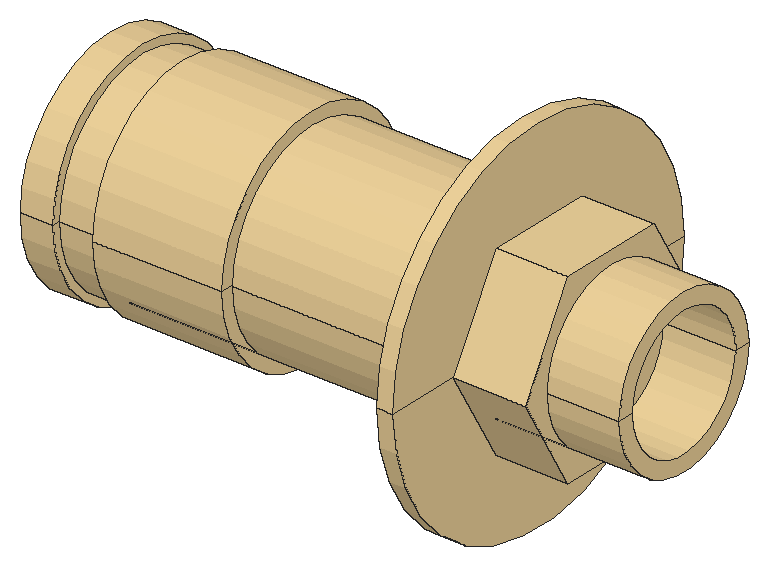
Revit family "ABC-PEX_Фитинг_Штуцер с наружной резьбой", category Соединительные детали трубопроводов, Revit 2019
Family settings
  Размер круглого соединителя = Использовать диаметр
  Тип детали = Соединение
  На основе рабочей плоскости = Нет
  Всегда вертикально = Нет
  При загрузке вырезать с полостями = Нет
  Общий = Да
Parameters
  Таблица выбора = "ABC-PEX_Фитинг_Штуцер с наружной резьбой"  # constant formula
  Маткриал_Корпус = Латунь
  z [instance] = size_lookup(Таблица выбора, "z", 30 mm, DN1, DN2)  # 18 mm
  a [instance] = size_lookup(Таблица выбора, "a", 30 mm, DN1, DN2)  # 62 mm
  S [instance] = DN2 + 3 mm  # 23 mm
  DN2 [instance] = 20 mm
  DN1 [instance] = 25 mm
  ADSK_Примечание = ""
  ADSK_Наименование [instance] = size_lookup(Таблица выбора, "ADSK_Наименование", "Нет в каталоге", DN1, DN2)  # "Штуцер с наружной резьбой DN25x3/4\""
  ADSK_Масса [instance] = size_lookup(Таблица выбора, "ADSK_Масса", 0, DN1, DN2)  # 0.039
  ADSK_Марка [instance] = size_lookup(Таблица выбора, "ADSK_Марка", "Нет в каталоге", DN1, DN2)  # "ABC-F-32534"
  ADSK_Завод-изготовитель = "Agpipe"  # constant formula
Reference planes
  plane 1 "По центру (Вперед/Назад)": y = 0
  plane 2: z = 0
  plane 3 "По центру (Влево/Вправо)": x = 0
  plane 4: y = 12.5
  plane 5: y = -12.5
  plane 6: x = -31
  plane 7: x = 31
  plane 8: y = 10
  plane 9: y = -10
  plane 10: x = 13
Forms (mm)
  Revolve 1, solid, material "Латунь" <- "Маткриал_Корпус", detail levels fine
    sketch origin (0, 0, 0) x (1, 0, 0) y (0, 1, 0)
      loop
        line (-31, 12.5) -> (-31, 10.5) -> (-13, 10.5) -> (-13, 5.548) -> (13, 5.548) -> (13, 8) -> (31, 8) -> (31, 10) -> (13, 10) -> (13, 22.5) -> (11, 22.5) -> (11, 12.5) -> (-31, 12.5)
      axis (-31, 0) -> (31, 0)
    angle from 0 to 360
  Extrusion 2, solid, material "Латунь" <- "Маткриал_Корпус", detail levels fine
    sketch origin (0, 0, 0) x (0, 1, 0) y (0, 0, 1)
      loop
        line (13.279, 0) -> (6.64, 11.5) -> (-6.64, 11.5) -> (-13.279, 0) -> (-6.64, -11.5) -> (6.64, -11.5) -> (13.279, 0)
    from 13 to 22
Lines and regions (mm)
  reference lines
    curve 1: line (13, 0, 0) -> (31, 0, 0)
  symbolic lines, detail levels coarse+medium
    curve 2: line (-31, 0, 0) -> (31, 0, 0)
Dimensions and locks
  equal spacing: plane 4, plane 1 "По центру (Вперед/Назад)", plane 5
  "DN1": plane 4 to plane 5
  equal spacing: plane 6, plane 3 "По центру (Влево/Вправо)", plane 7
  "a": plane 6 to plane 7
  equal spacing: plane 8, plane 1 "По центру (Вперед/Назад)", plane 9
  "DN2": plane 8 to plane 9
  locked: plane 4 to Revolve 1 sketch curve at 2
  locked: plane 8 to Revolve 1 sketch curve at 2
  locked: Revolve 1 sketch curve to Revolve 1 sketch curve at 2
  locked: Revolve 1 sketch curve to plane 4 at 10
  locked: Revolve 1 sketch curve to Revolve 1 sketch curve at 2.452
  equal spacing: Extrusion 2 sketch curve, curve 1, Extrusion 2 sketch curve  (x3)
  "S": Extrusion 2 sketch curve to Extrusion 2 sketch curve  (x3)
  "z": plane 10 to plane 7
  equal spacing: plane 10, Extrusion 2, plane 7
  locked: Extrusion 2 sketch curve to Extrusion 2 sketch curve (angle 120.00°)  (x3)
  aligned and locked: level to plane 2
  aligned and locked: Revolve 1 sketch curve to plane 7
  aligned and locked: Revolve 1 sketch curve to plane 6
  aligned and locked: Revolve 1 sketch curve to plane 4
  aligned and locked: plane 8 to Revolve 1 sketch curve
  aligned and locked: Revolve 1 sketch curve to plane 10
  aligned and locked: curve 1 to Revolve 1  (x2)
  aligned and locked: plane 6 to curve 2
  aligned and locked: plane 7 to curve 2
  aligned and locked: Extrusion 2 to curve 1
Automatic sketch dimensions
  plane 1 "По центру (Вперед/Назад)" to curve 1 = 0 mm
  curve 1 to plane 7 = 0 mm
  curve 1 to plane 10 = 0 mm
  plane 1 "По центру (Вперед/Назад)" to curve 2 = 0 mm
  plane 1 "По центру (Вперед/Назад)" to Revolve 1 sketch curve = 0 mm
  Revolve 1 sketch curve to plane 6 = 0 mm
  Revolve 1 sketch curve to plane 10 = 0 mm
  Revolve 1 sketch curve to plane 3 "По центру (Влево/Вправо)" = 13 mm
  Revolve 1 sketch curve to plane 7 = 5 mm
Nested families
  nested 1: "ABC-PEX_Фитинг_Надвижная гильза" at (-27.5, 0, 0) x (-1, 0, 0) z (0, 0, 1), DN <- "DN2", type "ABC-PEX_Фитинг_Надвижная гильза", detail levels fine
    with b 28 mm, a 25 mm, DN 20 mm, ADSK_Наименование "Надвижная гильза DN20", ADSK_Масса 0.012, ADSK_Марка "ABC-F-120"
Connectors
  piping at (13, 0, 0), diameter 25, driven by "DN1"
    settings: on curve 1, index 1, connector inside diameter 609.6 mm, connector length 0 mm, flow factor 0, pipe flow 0.0 L/s, pressure drop 0.0 Pa, fitting loss kfactor 0, connector angle 0.00°, fixture units 0, engagement length 0 mm, angle of deflection 0.00°, flow configuration 0, flow direction 0, fitting loss method 0, system type 28, joint type 0, gender type 0, connector reference index 2, connector utility 0, adjustable connector no, is connector primary yes, connector description ""
  piping at (31, 0, 0), diameter 20, driven by "DN2"
    settings: on curve 1, index 2, connector inside diameter 609.6 mm, connector length 0 mm, flow factor 0, pipe flow 0.0 L/s, pressure drop 0.0 Pa, fitting loss kfactor 0, connector angle 0.00°, fixture units 0, engagement length 0 mm, angle of deflection 0.00°, flow configuration 0, flow direction 0, fitting loss method 0, system type 28, joint type 0, gender type 0, connector reference index 1, connector utility 0, adjustable connector no, is connector primary no, connector description ""
Definition of nested family "ABC-PEX_Фитинг_Надвижная гильза"
  Parameters (values of type "ABC-PEX_Фитинг_Надвижная гильза")
    Таблица выбора = "ABC-PEX_Фитинг_Надвижная гильза"  # constant formula
    Маткриал_Корпус = none
    b [instance] = size_lookup(Таблица выбора, "b", 30 mm, DN)  # 24 mm
    a [instance] = size_lookup(Таблица выбора, "a", 30 mm, DN)  # 24 mm
    DN [instance] = 16 mm
    ADSK_Примечание = ""
    ADSK_Наименование [instance] = size_lookup(Таблица выбора, "ADSK_Наименование", "Нет в каталоге", DN)  # "Надвижная гильза DN16"
    ADSK_Масса [instance] = size_lookup(Таблица выбора, "ADSK_Масса", 0, DN)  # 0.008
    ADSK_Марка [instance] = size_lookup(Таблица выбора, "ADSK_Марка", "Нет в каталоге", DN)  # "ABC-F-116"
    ADSK_Завод-изготовитель = "Agpipe"  # constant formula
  Reference planes
    plane 1 "По центру (Вперед/Назад)": y = 0
    plane 2: z = 0
    plane 3 "По центру (Влево/Вправо)": x = 0
    plane 4: y = 12
    plane 5: y = -12
    plane 6: x = -12
    plane 7: x = 12
    plane 8: y = 8
    plane 9: y = -8
  Forms (mm)
    Revolve 1, solid, material <- "Маткриал_Корпус"
      sketch origin (0, 0, 0) x (1, 0, 0) y (0, 1, 0)
        loop
          line (-12, 12) -> (-12, 10) -> (12, 10) -> (12, 12) -> (8, 12) -> (8, 11) -> (3, 11) -> (3, 12) -> (-12, 12)
        axis (-12, 0) -> (12, 0)
      angle from 0 to 360
  Lines and regions (mm)
    reference lines
      curve 1: line (-12, 0, 0) -> (12, 0, 0)
  Dimensions and locks
    equal spacing: plane 4, plane 1 "По центру (Вперед/Назад)", plane 5
    "b": plane 4 to plane 5
    equal spacing: plane 6, plane 3 "По центру (Влево/Вправо)", plane 7
    "a": plane 6 to plane 7
    plane 4 to Revolve 1 sketch curve = 2 mm
    equal spacing: plane 9, plane 1 "По центру (Вперед/Назад)", plane 8
    "DN": plane 9 to plane 8
    Revolve 1 sketch curve to Revolve 1 sketch curve to plane 7 = 5 mm locked, 4 mm locked
    Revolve 1 sketch curve to Revolve 1 sketch curve to plane 4 = 1 mm locked, 1 mm locked
    aligned and locked: level to plane 2
    aligned and locked: plane 1 "По центру (Вперед/Назад)" to Revolve 1 sketch curve
    aligned and locked: plane 4 to Revolve 1 sketch curve
    aligned and locked: Revolve 1 sketch curve to plane 4
    aligned and locked: plane 6 to Revolve 1 sketch curve
    aligned and locked: plane 7 to Revolve 1 sketch curve
    aligned and locked: plane 7 to curve 1
    aligned and locked: plane 6 to curve 1
  Automatic sketch dimensions
    plane 1 "По центру (Вперед/Назад)" to curve 1 = 0 mm
    plane 6 to Revolve 1 sketch curve = 5 mm
    Revolve 1 sketch curve to plane 7 = 4 mm
  Connectors
    piping at (-12, 0, 0), diameter 16, driven by "DN"
      settings: on curve 1, index 1, connector inside diameter 609.6 mm, connector length 0 mm, flow factor 0, pipe flow 0.0 L/s, pressure drop 0.0 Pa, fitting loss kfactor 0, connector angle 0.00°, fixture units 0, engagement length 0 mm, angle of deflection 0.00°, flow configuration 0, flow direction 0, fitting loss method 0, system type 28, joint type 0, gender type 0, connector reference index 2, connector utility 0, adjustable connector no, is connector primary yes, connector description ""
    piping at (12, 0, 0), diameter 16, driven by "DN"
      settings: on curve 1, index 2, connector inside diameter 609.6 mm, connector length 0 mm, flow factor 0, pipe flow 0.0 L/s, pressure drop 0.0 Pa, fitting loss kfactor 0, connector angle 0.00°, fixture units 0, engagement length 0 mm, angle of deflection 0.00°, flow configuration 0, flow direction 0, fitting loss method 0, system type 28, joint type 0, gender type 0, connector reference index 1, connector utility 0, adjustable connector no, is connector primary no, connector description ""
